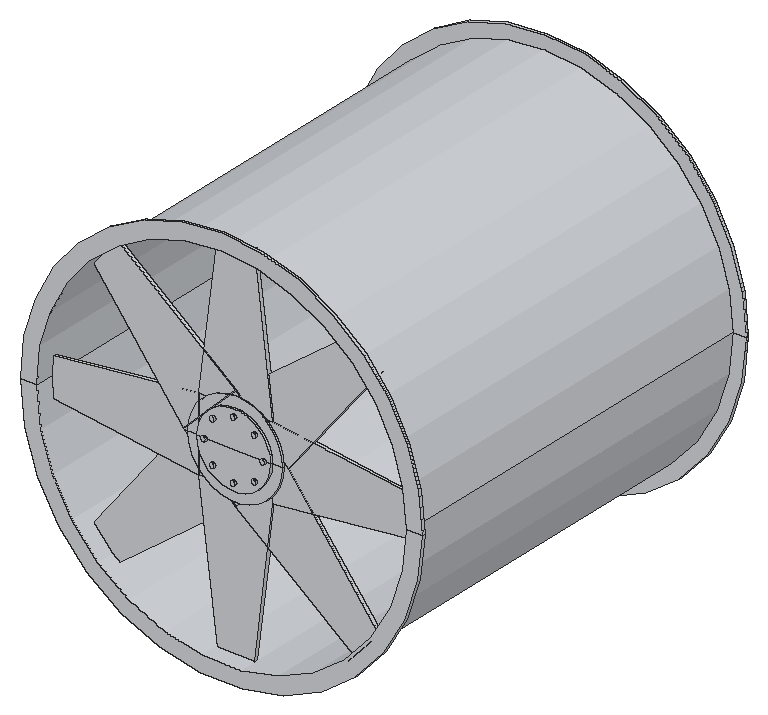
Revit family "CADS_Vent-Axia_MechEquip_Fan_BIFA_800_3Ph4P - EXTRACT", category Mechanical Equipment, Revit 2020
Family settings
  Round Connector Dimension = Use Diameter
  Part Type = Normal
  OmniClass Number = 23.75.00.00
  OmniClass Title = Climate Control (HVAC)
  Work Plane-Based = No
  Always vertical = Yes
  Cut with Voids When Loaded = No
  Shared = No
  Room Calculation Point = No
Parameters (values of type "BIFA803440")
  WorkingPressure = 0.0 Pa
  WarrantyStartDate [instance] = "1900-12-31T23:59:59"
  WarrantyPeriod = ""
  WarrantyIdentifier = "N/A"
  WarrantyGuarantorParts = "tech@vent-axia.com"
  WarrantyGuarantorLabor = "tech@vent-axia.com"
  WarrantyGuarantor = "Vent-Axia Limited"
  WarrantyEndDate [instance] = "1900-12-31T23:59:59"
  WarrantyContent = ""
  TemperatureRange = ""
  TagNumber [instance] = "N/A"
  SustainabilityPerformance = ""
  Status = "New"
  Size = ""
  Shape = ""
  ServiceLifeType = ""
  ServiceLifeDuration = ""
  SerialNumber [instance] = "N/A"
  ReplacementCost = ""
  RatedVoltage = 0 V
  RatedCurrent = 0 A
  Quantity = 1
  ProductionYear = ""
  PressureCurve = ""
  PowerFactor = ""
  PointOfContact = ""
  NumberOfPoles = 0
  NominalWidth = 800 mm
  NominalLength = 880 mm
  NominalHeight = 800 mm
  NominalFrequencyRange = ""
  NominalDiameter = 800 mm
  ModelReference = "BIF 800MM 3PH 4P 40DEG"
  ModelNumber = "BIFA803440"
  Material = ""
  ManufacturerE-Mail = "tech@vent-axia.com"
  ManufacturerAddress = "Fleming Way\nCrawley \nRH10 9YX"
  IsExtendedWarranty = no
  InsulationStandardClass = ""
  InstallationDate [instance] = "1900-12-31T23:59:59"
  IfcExportType [instance] = ""
  IfcExportAs = "IfcFanType"
  IP_Code = ""
  HasProtectiveEarth = no
  GrossWeight = 0.00 kg
  Grade = ""
  GlobalTradeItemNumber [instance] = "N/A"
  Fitting Type = "Ignore"
  Finish = ""
  Features = ""
  ExteriorInsulation = no
  ExpectedServiceLife = 0
  Exclusions = ""
  DurationUnit = "Year"
  Default Elevation = 0 mm
  Constituents = ""
  ConductorFunction = ""
  Color = ""
  CodePerformance = ""
  Category = ""
  CADS_Usage = 0
  CADS_Index = 0
  AssetType = "FIXED"
  AssetIdentifier [instance] = "N/A"
  AssemblyPlace = "UNKNOWN"
  ArticleNumber [instance] = "N/A"
  AirflowRateRange = 0.0 L/s
  Air Flow [instance] = 0.0 L/s
  AccessibilityPerformance = ""
Types (16, lengths in mm): name | ModelReference | ModelNumber
  BIFA803410 | "BIF 800MM 3PH 4P 10DEG" | "BIFA803410"
  BIFA803412 | "BIF 800MM 3PH 4P 12DEG" | "BIFA803412"
  BIFA803414 | "BIF 800MM 3PH 4P 14DEG" | "BIFA803414"
  BIFA803416 | "BIF 800MM 3PH 4P 16DEG" | "BIFA803416"
  BIFA803418 | "BIF 800MM 3PH 4P 18DEG" | "BIFA803418"
  BIFA803420 | "BIF 800MM 3PH 4P 20DEG" | "BIFA803420"
  BIFA803422 | "BIF 800MM 3PH 4P 22DEG" | "BIFA803422"
  BIFA803424 | "BIF 800MM 3PH 4P 24DEG" | "BIFA803424"
  BIFA803426 | "BIF 800MM 3PH 4P 26DEG" | "BIFA803426"
  BIFA803428 | "BIF 800MM 3PH 4P 28DEG" | "BIFA803428"
  BIFA803430 | "BIF 800MM 3PH 4P 30DEG" | "BIFA803430"
  BIFA803432 | "BIF 800MM 3PH 4P 32DEG" | "BIFA803432"
  BIFA803434 | "BIF 800MM 3PH 4P 34DEG" | "BIFA803434"
  BIFA803436 | "BIF 800MM 3PH 4P 36DEG" | "BIFA803436"
  BIFA803438 | "BIF 800MM 3PH 4P 38DEG" | "BIFA803438"
  BIFA803440 | "BIF 800MM 3PH 4P 40DEG" | "BIFA803440"
Reference planes
  plane 1 "Center (Front/Back)": y = 0
  plane 2: z = 0
  plane 3 "Center (Left/Right)": x = 0
  plane 4: x = -400
  plane 5: x = 400
  plane 6 "F": y = -440
  plane 7 "B": y = 440
  plane 8: x = -435
  plane 9: y = 435
  plane 10: y = -435
  plane 11: x = -405
  plane 12: y = -400
Forms (mm)
  Revolve 1, solid
    sketch origin (0, 0, 0) x (1, 0, 0) y (0, 1, 0)
      loop
        line (-435, -440) -> (-400, -440) -> (-400, 440) -> (-435, 440) -> (-435, 435) -> (-405, 435) -> (-405, -435) -> (-435, -435) -> (-435, -440)
      axis (0, 440) -> (0, -440)
    angle from 0 to 360
Dimensions and locks
  equal spacing: plane 4, plane 3 "Center (Left/Right)", plane 5
  equal spacing: plane 7 "B", plane 1 "Center (Front/Back)", plane 6 "F"
  "NominalLength": plane 7 "B" to plane 6 "F"
  "NominalDiameter": plane 4 to plane 5
  locked: plane 11 to plane 4 at 5
  locked: plane 8 to plane 11 at 30
  locked: plane 6 "F" to plane 10 at 5
  locked: plane 7 "B" to plane 9 at 5
  locked: plane 6 "F" to plane 12 at 40
  aligned and locked: level to plane 2
  aligned and locked: nested 1 to plane 12
Automatic sketch dimensions
  plane 6 "F" to Revolve 1 sketch curve = 0 mm
  Revolve 1 sketch curve to plane 8 = 0 mm  (x2)
  plane 10 to Revolve 1 sketch curve = 0 mm
  Revolve 1 sketch curve to plane 11 = 0 mm
  Revolve 1 sketch curve to plane 4 = 0 mm
  Revolve 1 sketch curve to plane 3 "Center (Left/Right)" = 0 mm
  plane 1 "Center (Front/Back)" to Revolve 1 sketch curve = 0 mm
  Revolve 1 sketch curve to plane 9 = 0 mm
  Revolve 1 sketch curve to plane 7 "B" = 0 mm
  plane 6 "F" to Revolve 1 sketch curve = 115 mm
Nested families
  nested 1: "Fan for BIFA" at (0, -400, 0), ND <- "NominalDiameter", type "Fan for BIFA"
    with hub 80 mm, ND 800 mm, BoltPCD 64 mm, Bolt Count 8, B_Diam 10 mm
  nested 2: "Bolts" at (0, -409.172, -64) x (-1, 0, 0) z (0, 1, 0), type "Bolts"
    with bd 10 mm
  nested 3: "Bolts" at (-45.255, -409.172, -45.255) x (-0.7071, 0, 0.7071) z (0, 1, 0), type "Bolts"
    with bd 10 mm
  nested 4: "Bolts" at (-64, -409.172, 0) x (0, 0, 1) z (0, 1, 0), type "Bolts"
    with bd 10 mm
  nested 5: "Bolts" at (-45.255, -409.172, 45.255) x (0.7071, 0, 0.7071) z (0, 1, 0), type "Bolts"
    with bd 10 mm
  nested 6: "Bolts" at (45.255, -409.172, 45.255) x (0.7071, 0, -0.7071) z (0, 1, 0), type "Bolts"
    with bd 10 mm
  nested 7: "Bolts" at (0, -409.172, 64) x (1, 0, 0) z (0, 1, 0), type "Bolts"
    with bd 10 mm
  nested 8: "BIFA Blade" at (0, -400, 0), type "BIFA Blade"
    with a 20.00°, HR 80 mm, HD 160 mm, BT 80 mm, BR 320 mm, BH 40 mm, BD 800 mm, BB 160 mm
  nested 9: "BIFA Blade" at (0, -400, 0) x (0.7071, 0, -0.7071) z (0.7071, 0, 0.7071), type "BIFA Blade"
    with a 20.00°, HR 80 mm, HD 160 mm, BT 80 mm, BR 320 mm, BH 40 mm, BD 800 mm, BB 160 mm
  nested 10: "BIFA Blade" at (0, -400, 0) x (0, 0, -1) z (1, 0, 0), type "BIFA Blade"
    with a 20.00°, HR 80 mm, HD 160 mm, BT 80 mm, BR 320 mm, BH 40 mm, BD 800 mm, BB 160 mm
  nested 11: "BIFA Blade" at (0, -400, 0) x (-0.7071, 0, -0.7071) z (0.7071, 0, -0.7071), type "BIFA Blade"
    with a 20.00°, HR 80 mm, HD 160 mm, BT 80 mm, BR 320 mm, BH 40 mm, BD 800 mm, BB 160 mm
  nested 12: "BIFA Blade" at (0, -400, 0) x (-1, 0, 0) z (0, 0, -1), type "BIFA Blade"
    with a 20.00°, HR 80 mm, HD 160 mm, BT 80 mm, BR 320 mm, BH 40 mm, BD 800 mm, BB 160 mm
  nested 13: "BIFA Blade" at (0, -400, 0) x (-0.7071, 0, -0.7071) z (-0.7071, 0, 0.7071), type "BIFA Blade"
    with a 20.00°, HR 80 mm, HD 160 mm, BT 80 mm, BR 320 mm, BH 40 mm, BD 800 mm, BB 160 mm
  nested 14: "BIFA Blade" at (0, -400, 0) x (0, 0, -1) z (-1, 0, 0), type "BIFA Blade"
    with a 20.00°, HR 80 mm, HD 160 mm, BT 80 mm, BR 320 mm, BH 40 mm, BD 800 mm, BB 160 mm
  nested 15: "BIFA Blade" at (0, -400, 0) x (0.7071, 0, -0.7071) z (-0.7071, 0, -0.7071), type "BIFA Blade"
    with a 20.00°, HR 80 mm, HD 160 mm, BT 80 mm, BR 320 mm, BH 40 mm, BD 800 mm, BB 160 mm
  nested 16: "Bolts" at (64, -409.172, 0) x (0, 0, -1) z (0, 1, 0), type "Bolts"
    with bd 10 mm
  nested 17: "Bolts" at (45.255, -409.172, -45.255) x (-0.7071, 0, -0.7071) z (0, 1, 0), type "Bolts"
    with bd 10 mm
Connectors
  hvac at (0, -440, 0), driven by "NominalDiameter", driven by "Air Flow"
    settings: on Revolve 1, index 1, duct flow 0.0 L/s, flow factor 0, pres drop 0.0 Pa, loss coef 0, conn angle 0.00°, conn width 304.8 mm, conn height 304.8 mm, conn diameter 800 mm, duct sys type 2, conn prof type 0, flow config 0, flow direction 1, loss method 0, conn ref index -1, conn util no, is conn primary yes, conn desc ""
  hvac at (0, 440, 0), driven by "NominalDiameter", driven by "Air Flow"
    settings: on Revolve 1, index 2, duct flow 0.0 L/s, flow factor 0, pres drop 0.0 Pa, loss coef 0, conn angle 0.00°, conn width 304.8 mm, conn height 304.8 mm, conn diameter 800 mm, duct sys type 3, conn prof type 0, flow config 1, flow direction 2, loss method 0, conn ref index -1, conn util no, is conn primary no, conn desc ""
Definition of nested family "Fan for BIFA"
  Parameters (values of type "Fan for BIFA")
    hub [instance] = ND / 10  # 50 mm
    ND [instance] = 500 mm
    Model = "."
    Default Elevation = 0 mm
    BoltPCD [instance] = hub - (hub * 0.2)  # 40 mm
    Bolt Count [instance] = if(hub < 50 mm, 6, 8)  # 8
    B_Diam [instance] = if(hub < 50 mm, 5 mm, 10 mm)  # 10 mm
  Reference planes
    plane 1 "Center (Front/Back)": y = 0
    plane 2: z = 0
    plane 3 "Center (Left/Right)": x = 0
    plane 4 "back": y = 20
    plane 5 "bolts": y = -9.172
    plane 6 "B": z = 50
    plane 7: x = -72.587
    plane 8: x = -50
    plane 9 "hubface": y = -6.172
  Forms (mm)
    Revolve 1, solid
      sketch origin (0, 0, 0) x (1, 0, 0) y (0, 1, 0)
        loop
          line (0, 20) -> (-50, 20) -> (-50, 10.504) -> (-72.587, 10.504) -> (-72.587, -2.597) -> (-50, -2.597) -> (-50, -6.172) -> (0, -6.172) -> (0, 20)
        axis (0, 20) -> (0, -6.172)
      angle from 0 to 360
    Extrusion 2, solid, not visible
      sketch origin (0, -6.347, -4) x (-1, 0, 0) y (0, 0, 1)
        loop
          circle (0, 84) r 5
      from 0 to 3
  Lines and regions (mm)
    symbolic lines
      curve 1: circle (0, -9.172, 0) r 40 normal (0, 1, 0)
    model lines, not visible
      curve 2: line (0, -6.347, 85) -> (0, -6.347, 75)
  Dimensions and locks
    "hub": plane 6 "B" to plane 2
    "hub": nested 3 to plane 3 "Center (Left/Right)"
    "hub": nested 4 to plane 3 "Center (Left/Right)"
    "hub": nested 5 to plane 3 "Center (Left/Right)"
    "hub": plane 3 "Center (Left/Right)" to nested 6
    "hub": Revolve 1 sketch curve to Revolve 1 sketch curve
    "hub": plane 3 "Center (Left/Right)" to nested 7
    "hub": plane 3 "Center (Left/Right)" to nested 8
    "hub": plane 3 "Center (Left/Right)" to nested 9
    "hub": plane 8 to plane 3 "Center (Left/Right)"
    plane 7 to plane 8 = 22.587 mm
    diameter of Extrusion 2 sketch curve = 10 mm
    "BoltPCD": radius of curve 1
    "BoltPCD": radius of radial array
    aligned and locked: level to plane 2
    aligned and locked: plane 6 "B" to nested 1
  Automatic sketch dimensions
    Revolve 1 sketch curve to plane 7 = 0 mm
    Revolve 1 sketch curve to plane 8 = 0 mm  (x2)
    Revolve 1 sketch curve to plane 3 "Center (Left/Right)" = 0 mm
    Revolve 1 sketch curve to plane 9 "hubface" = 0 mm
    plane 4 "back" to Revolve 1 sketch curve = 0 mm
    plane 1 "Center (Front/Back)" to Revolve 1 sketch curve = 2.597 mm
    plane 4 "back" to Revolve 1 sketch curve = 9.496 mm
    plane 4 "back" to Revolve 1 sketch curve = 5 mm
    Revolve 1 sketch curve to Revolve 1 sketch curve = 45 mm
    curve 1 to level = 0 mm
    curve 1 to plane 3 "Center (Left/Right)" = 0 mm
  Nested families
    nested 1: "BIFA Blade" at (0, 0, 25), BD <- "ND", HD <- "hub", type "BIFA Blade"
      with a 20.00°, HR 25 mm, HD 50 mm, BT 25 mm, BR 100 mm, BH 40 mm, BD 250 mm, BB 50 mm
    nested 2: "BIFA Blade" at (0, 0, 55), BD <- "ND", HD <- "hub", type "BIFA Blade", not visible
      with a 20.00°, HR 25 mm, HD 50 mm, BT 25 mm, BR 100 mm, BH 40 mm, BD 250 mm, BB 50 mm
    nested 3: "BIFA Blade" at (17.678, 0, 17.678) x (0.7071, 0, -0.7071) z (0.7071, 0, 0.7071), BD <- "ND", HD <- "hub", type "BIFA Blade"
      with a 20.00°, HR 25 mm, HD 50 mm, BT 25 mm, BR 100 mm, BH 40 mm, BD 250 mm, BB 50 mm
    nested 4: "BIFA Blade" at (25, 0, 0) x (0, 0, -1) z (1, 0, 0), BD <- "ND", HD <- "hub", type "BIFA Blade"
      with a 20.00°, HR 25 mm, HD 50 mm, BT 25 mm, BR 100 mm, BH 40 mm, BD 250 mm, BB 50 mm
    nested 5: "BIFA Blade" at (17.678, 0, -17.678) x (-0.7071, 0, -0.7071) z (0.7071, 0, -0.7071), BD <- "ND", HD <- "hub", type "BIFA Blade"
      with a 20.00°, HR 25 mm, HD 50 mm, BT 25 mm, BR 100 mm, BH 40 mm, BD 250 mm, BB 50 mm
    nested 6: "BIFA Blade" at (0, 0, -25) x (-1, 0, 0) z (0, 0, -1), BD <- "ND", HD <- "hub", type "BIFA Blade"
      with a 20.00°, HR 25 mm, HD 50 mm, BT 25 mm, BR 100 mm, BH 40 mm, BD 250 mm, BB 50 mm
    nested 7: "BIFA Blade" at (-17.678, 0, 17.678) x (-0.7071, 0, -0.7071) z (-0.7071, 0, 0.7071), BD <- "ND", HD <- "hub", type "BIFA Blade"
      with a 20.00°, HR 25 mm, HD 50 mm, BT 25 mm, BR 100 mm, BH 40 mm, BD 250 mm, BB 50 mm
    nested 8: "BIFA Blade" at (-25, 0, 0) x (0, 0, -1) z (-1, 0, 0), BD <- "ND", HD <- "hub", type "BIFA Blade"
      with a 20.00°, HR 25 mm, HD 50 mm, BT 25 mm, BR 100 mm, BH 40 mm, BD 250 mm, BB 50 mm
    nested 9: "BIFA Blade" at (-17.678, 0, -17.678) x (0.7071, 0, -0.7071) z (-0.7071, 0, -0.7071), BD <- "ND", HD <- "hub", type "BIFA Blade"
      with a 20.00°, HR 25 mm, HD 50 mm, BT 25 mm, BR 100 mm, BH 40 mm, BD 250 mm, BB 50 mm
    nested 10: "Bolts" at (0, -9.172, 40) x (1, 0, 0) z (0, 1, 0), bd <- "B_Diam", type "Bolts"
      with bd 10 mm
    nested 11: "Bolts" at (28.284, -9.172, 28.284) x (0.7071, 0, -0.7071) z (0, 1, 0), bd <- "B_Diam", type "Bolts"
      with bd 10 mm
    nested 12: "Bolts" at (-28.284, -9.172, 28.284) x (0.7071, 0, 0.7071) z (0, 1, 0), bd <- "B_Diam", type "Bolts"
      with bd 10 mm
    nested 13: "Bolts" at (-40, -9.172, 0) x (0, 0, 1) z (0, 1, 0), bd <- "B_Diam", type "Bolts"
      with bd 10 mm
    nested 14: "Bolts" at (-28.284, -9.172, -28.284) x (-0.7071, 0, 0.7071) z (0, 1, 0), bd <- "B_Diam", type "Bolts"
      with bd 10 mm
    nested 15: "Bolts" at (0, -9.172, -40) x (-1, 0, 0) z (0, 1, 0), bd <- "B_Diam", type "Bolts"
      with bd 10 mm
    nested 16: "Bolts" at (28.284, -9.172, -28.284) x (-0.7071, 0, -0.7071) z (0, 1, 0), bd <- "B_Diam", type "Bolts"
      with bd 10 mm
    nested 17: "Bolts" at (40, -9.172, 0) x (0, 0, -1) z (0, 1, 0), bd <- "B_Diam", type "Bolts"
      with bd 10 mm
  Definition of nested family "BIFA Blade"
    Parameters (values of type "BIFA Blade")
      a [instance] = 20.00°
      HR [instance] = HD / 2  # 30 mm
      HD [instance] = BD / 5  # 60 mm
      Default Elevation = 1219.2 mm
      BT [instance] = BD / 10  # 30 mm
      BR [instance] = (BD / 2) - HR  # 120 mm
      BH [instance] = 40 mm
      BD [instance] = 300 mm
      BB [instance] = BD / 5  # 60 mm
    Reference planes
      plane 1 "Center (Front/Back)": y = 0
      plane 2: z = 0
      plane 3 "Center (Left/Right)": x = 0
      plane 4 "Blade Bot": z = 30
      plane 5: x = -30
      plane 6: x = 30
      plane 7: x = -15
      plane 8: x = 15
    Forms (mm)
      Blend 1, solid
        base sketch origin (0, 0, 30) x (-1, 0, 0) y (0, -1, 0)
          loop
            line (30, 0) -> (-30, 0) -> (-30, -6) -> (30, -6) -> (30, 0)
        top sketch origin (0, 0, 30) x (-1, 0, 0) y (0, -1, 0)
          loop
            line (15, -6) -> (15, 0) -> (-15, 0) -> (-15, -6) -> (15, -6)
        from 0 to 120 <- "BR"
    Dimensions and locks
      "HR": plane 4 "Blade Bot" to level
      equal spacing: plane 8, plane 3 "Center (Left/Right)", plane 7
      "BT": plane 8 to plane 7
      equal spacing: plane 6, plane 3 "Center (Left/Right)", plane 5
      "BB": plane 6 to plane 5
      aligned and locked: level to plane 2
    Automatic sketch dimensions
      plane 1 "Center (Front/Back)" to Blend 1 sketch curve = 0 mm  (x2)
      Blend 1 sketch curve to plane 6 = 0 mm
      Blend 1 sketch curve to plane 5 = 0 mm
      Blend 1 sketch curve to plane 1 "Center (Front/Back)" = 6 mm  (x2)
      Blend 1 sketch curve to plane 8 = 0 mm
      Blend 1 sketch curve to plane 7 = 0 mm
  Definition of nested family "Bolts"
    Parameters
      bd [instance] = 10 mm
      Default Elevation = 1219.2 mm
    Reference planes
      plane 1 "Center (Front/Back)": y = 0
      plane 2: z = 0
      plane 3 "Center (Left/Right)": x = 0
    Forms (mm)
      Extrusion 1, solid
        sketch origin (0, 0, 0) x (1, 0, 0) y (0, 1, 0)
          loop
            line (-1219.2, 1219.2) -> (-1219.2, -1219.2) -> (1219.2, -1219.2) -> (1219.2, 1219.2) -> (-1219.2, 1219.2)
        from 0 to -304.8
      Extrusion 2, solid
        sketch origin (0, 0, 0) x (1, 0, 0) y (0, 1, 0)
          loop
            circle (0, 0) r 5
        from 0 to 3
    Dimensions and locks
      "bd": diameter of Extrusion 2 sketch curve
      aligned and locked: plane 2 to Extrusion 1
      aligned and locked: level to Extrusion 1
    Automatic sketch dimensions
      Extrusion 1 sketch curve to Extrusion 1 sketch curve = 2438.4 mm  (x2)
      plane 1 "Center (Front/Back)" to Extrusion 2 sketch curve = 0 mm
      Extrusion 2 sketch curve to plane 3 "Center (Left/Right)" = 0 mm
Definition of nested family "Bolts"
  Parameters
    bd [instance] = 10 mm
    Default Elevation = 1219.2 mm
  Reference planes
    plane 1 "Center (Front/Back)": y = 0
    plane 2: z = 0
    plane 3 "Center (Left/Right)": x = 0
  Forms (mm)
    Extrusion 1, solid
      sketch origin (0, 0, 0) x (1, 0, 0) y (0, 1, 0)
        loop
          line (-1219.2, 1219.2) -> (-1219.2, -1219.2) -> (1219.2, -1219.2) -> (1219.2, 1219.2) -> (-1219.2, 1219.2)
      from 0 to -304.8
    Extrusion 2, solid
      sketch origin (0, 0, 0) x (1, 0, 0) y (0, 1, 0)
        loop
          circle (0, 0) r 5
      from 0 to 3
  Dimensions and locks
    "bd": diameter of Extrusion 2 sketch curve
    aligned and locked: plane 2 to Extrusion 1
    aligned and locked: level to Extrusion 1
  Automatic sketch dimensions
    Extrusion 1 sketch curve to Extrusion 1 sketch curve = 2438.4 mm  (x2)
    plane 1 "Center (Front/Back)" to Extrusion 2 sketch curve = 0 mm
    Extrusion 2 sketch curve to plane 3 "Center (Left/Right)" = 0 mm
Definition of nested family "BIFA Blade"
  Parameters (values of type "BIFA Blade")
    a [instance] = 20.00°
    HR [instance] = HD / 2  # 30 mm
    HD [instance] = BD / 5  # 60 mm
    Default Elevation = 1219.2 mm
    BT [instance] = BD / 10  # 30 mm
    BR [instance] = (BD / 2) - HR  # 120 mm
    BH [instance] = 40 mm
    BD [instance] = 300 mm
    BB [instance] = BD / 5  # 60 mm
  Reference planes
    plane 1 "Center (Front/Back)": y = 0
    plane 2: z = 0
    plane 3 "Center (Left/Right)": x = 0
    plane 4 "Blade Bot": z = 30
    plane 5: x = -30
    plane 6: x = 30
    plane 7: x = -15
    plane 8: x = 15
  Forms (mm)
    Blend 1, solid
      base sketch origin (0, 0, 30) x (-1, 0, 0) y (0, -1, 0)
        loop
          line (30, 0) -> (-30, 0) -> (-30, -6) -> (30, -6) -> (30, 0)
      top sketch origin (0, 0, 30) x (-1, 0, 0) y (0, -1, 0)
        loop
          line (15, -6) -> (15, 0) -> (-15, 0) -> (-15, -6) -> (15, -6)
      from 0 to 120 <- "BR"
  Dimensions and locks
    "HR": plane 4 "Blade Bot" to level
    equal spacing: plane 8, plane 3 "Center (Left/Right)", plane 7
    "BT": plane 8 to plane 7
    equal spacing: plane 6, plane 3 "Center (Left/Right)", plane 5
    "BB": plane 6 to plane 5
    aligned and locked: level to plane 2
  Automatic sketch dimensions
    plane 1 "Center (Front/Back)" to Blend 1 sketch curve = 0 mm  (x2)
    Blend 1 sketch curve to plane 6 = 0 mm
    Blend 1 sketch curve to plane 5 = 0 mm
    Blend 1 sketch curve to plane 1 "Center (Front/Back)" = 6 mm  (x2)
    Blend 1 sketch curve to plane 8 = 0 mm
    Blend 1 sketch curve to plane 7 = 0 mm
